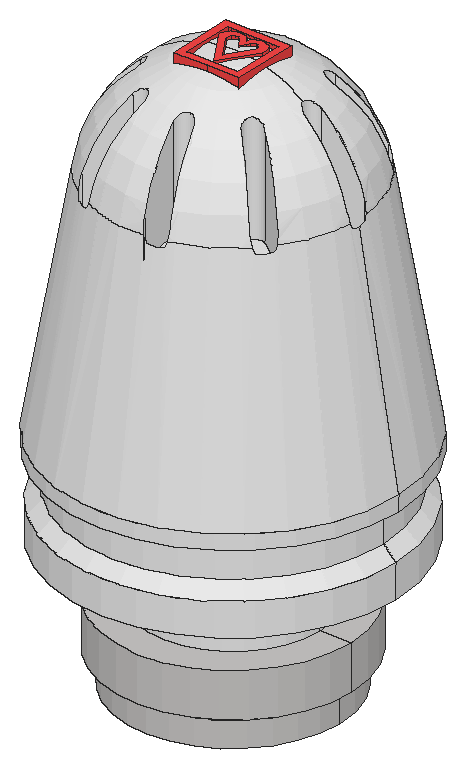
Revit family "HERZ-Mini-Turbo-Design-Thermostatic Sensor M28x1.5 9200 13", category Rohrzubehör, Revit 2021
Family settings
  Bemaßung runder Anschluss = Durchmesser verwenden
  Teiletyp = Normal
  OmniClass-Nummer = 23.65.55.14
  OmniClass-Titel = Valves for Liquid Services
  Arbeitsebenenbasiert = Nein
  Immer vertikal = Nein
  Beim Laden mit Abzugskörper schneiden = Nein
  Gemeinsam genutzt = Nein
Parameters
  Vorgabe-Ansicht = 0 mm
  URL = "www.herzvalves.com"
  Set value range = "0-30°C"  # constant formula
  S02 = 60 mm  # constant formula
  S01 = 73 mm  # constant formula
  Part number = 1920013  # constant formula
  Operation = "The HERZ thermostat serves as a sensing and control element.\r\nThe volumetric change of the liquid filling in the HERZ hydrosensor moves the thrust spindle of the valve"
  Shut off zero position = "When set to \"0\", the thermostatic valve is shut off and the frost protection is disabled."
  Hersteller = "HERZ Armaturen Ges.m.b.H."  # constant formula
  Hand wheel = "plastic, white"  # constant formula
  Frost protection = 6 °C  # constant formula
  Frost protection setpoint range = "6-30°C"  # constant formula
  Frost protection * = "When set to *, the valve automatically opens at approx.\r\n6 ° C ambient temperature and prevents the system from freezing."
  Application = "For mounting on valves that are designed for thermostatic operation"
Reference planes
  plane 1 "Mitte (Vorne/hinten)": y = 0
  plane 2: z = 0
  plane 3 "Mitte (Links/rechts)": x = 0
Forms (mm)
  Revolve 1, solid, material "Kunststoff weiß", detail levels fine
    sketch origin (0, 0, 0) x (1, 0, 0) y (0, 0, 1)
      loop
        line (0, 0) -> (0, 73)
        arc (0, 73) -> (-11.397, 68.78) -> (-17.297, 58.156) r 17.5
        arc (-17.297, 58.156) -> (-20.011, 42.065) -> (-22.88, 26) r 1681.293
        line (-22.88, 26) -> (-22.88, 24) -> (-20.75, 24) -> (-20.75, 19.25) -> (-22.5, 17.5) -> (-22.5, 13) -> (-12.8, 13)
        arc (-12.8, 13) -> (-12.234, 12.766) -> (-12, 12.2) r 0.8
        line (-12, 12.2) -> (-12, 4.8) -> (-13.2, 4.8) -> (-13.2, 0) -> (0, 0)
      axis (0, 73) -> (0, 0)
    angle from 0 to 360
  Revolve 2, solid, material "Messing verzinkt", detail levels fine
    sketch origin (0, 0, 0) x (1, 0, 0) y (0, 0, 1)
      loop
        line (0, 0) -> (0, 5.5) -> (-16.35, 5.5) -> (-16.35, -0.576) -> (-14.75, -1.5) -> (-14.75, -5) -> (-13.35, -5) -> (-13.35, 0) -> (0, 0)
      axis (0, 5.5) -> (0, -5)
    angle from 0 to 360
  Extrusion 3, void
    sketch origin (0, 0, 0) x (1, 0, 0) y (0, 1, 0)
      loop
        arc (11.027, 1.298) -> (9.8, 0) -> (11.027, -1.298) r 1.3
        line (11.027, -1.298) -> (16.77, -1.62)
        arc (16.77, -1.62) -> (17.178, -1.485) -> (17.384, -1.107) r 0.586
        arc (17.384, -1.107) -> (17.453, 0.011) -> (17.382, 1.129) r 9
        arc (17.382, 1.129) -> (17.183, 1.492) -> (16.79, 1.621) r 0.564
        line (16.79, 1.621) -> (11.027, 1.298)
      loop
        line (9.282, 6.094) -> (13.904, 9.55)
        arc (13.904, 9.55) -> (14.121, 9.902) -> (14.04, 10.308) r 0.564
        arc (14.04, 10.308) -> (13.376, 11.21) -> (12.605, 12.023) r 9
        arc (12.605, 12.023) -> (12.205, 12.18) -> (11.805, 12.021) r 0.586
        line (11.805, 12.021) -> (7.613, 8.082)
        arc (7.613, 8.082) -> (7.507, 6.299) -> (9.282, 6.094) r 1.3
      loop
        arc (0.637, 11.085) -> (1.702, 9.651) -> (3.193, 10.634) r 1.3
        line (3.193, 10.634) -> (4.508, 16.234)
        arc (4.508, 16.234) -> (4.445, 16.659) -> (4.109, 16.928) r 0.586
        arc (4.109, 16.928) -> (3.02, 17.189) -> (1.907, 17.313) r 9
        arc (1.907, 17.313) -> (1.515, 17.181) -> (1.319, 16.816) r 0.564
        line (1.319, 16.816) -> (0.637, 11.085)
      loop
        line (-4.39, 10.199) -> (-6.991, 15.351)
        arc (-6.991, 15.351) -> (-7.3, 15.626) -> (-7.713, 15.617) r 0.564
        arc (-7.713, 15.617) -> (-8.717, 15.12) -> (-9.651, 14.501) r 9
        arc (-9.651, 14.501) -> (-9.875, 14.134) -> (-9.788, 13.713) r 0.586
        line (-9.788, 13.713) -> (-6.638, 8.901)
        arc (-6.638, 8.901) -> (-4.9, 8.487) -> (-4.39, 10.199) r 1.3
      loop
        arc (-10.806, 2.552) -> (-9.209, 3.352) -> (-9.918, 4.991) r 1.3
        line (-9.918, 4.991) -> (-15.204, 7.258)
        arc (-15.204, 7.258) -> (-15.634, 7.271) -> (-15.957, 6.986) r 0.586
        arc (-15.957, 6.986) -> (-16.404, 5.959) -> (-16.719, 4.884) r 9
        arc (-16.719, 4.884) -> (-16.657, 4.475) -> (-16.332, 4.219) r 0.564
        line (-16.332, 4.219) -> (-10.806, 2.552)
      loop
        line (-10.806, -2.552) -> (-16.332, -4.219)
        arc (-16.332, -4.219) -> (-16.657, -4.475) -> (-16.719, -4.884) r 0.564
        arc (-16.719, -4.884) -> (-16.404, -5.959) -> (-15.957, -6.986) r 9
        arc (-15.957, -6.986) -> (-15.634, -7.271) -> (-15.204, -7.258) r 0.586
        line (-15.204, -7.258) -> (-9.918, -4.991)
        arc (-9.918, -4.991) -> (-9.209, -3.352) -> (-10.806, -2.552) r 1.3
      loop
        arc (9.282, -6.094) -> (7.507, -6.299) -> (7.613, -8.082) r 1.3
        line (7.613, -8.082) -> (11.805, -12.021)
        arc (11.805, -12.021) -> (12.205, -12.18) -> (12.605, -12.023) r 0.586
        arc (12.605, -12.023) -> (13.376, -11.21) -> (14.04, -10.308) r 9
        arc (14.04, -10.308) -> (14.121, -9.902) -> (13.904, -9.55) r 0.564
        line (13.904, -9.55) -> (9.282, -6.094)
      loop
        line (0.637, -11.085) -> (1.319, -16.816)
        arc (1.319, -16.816) -> (1.515, -17.181) -> (1.907, -17.313) r 0.564
        arc (1.907, -17.313) -> (3.02, -17.189) -> (4.109, -16.928) r 9
        arc (4.109, -16.928) -> (4.445, -16.659) -> (4.508, -16.234) r 0.586
        line (4.508, -16.234) -> (3.193, -10.634)
        arc (3.193, -10.634) -> (1.702, -9.651) -> (0.637, -11.085) r 1.3
      loop
        arc (-4.39, -10.199) -> (-4.9, -8.487) -> (-6.638, -8.901) r 1.3
        line (-6.638, -8.901) -> (-9.788, -13.713)
        arc (-9.788, -13.713) -> (-9.875, -14.134) -> (-9.651, -14.501) r 0.586
        arc (-9.651, -14.501) -> (-8.717, -15.12) -> (-7.713, -15.617) r 9
        arc (-7.713, -15.617) -> (-7.3, -15.626) -> (-6.991, -15.351) r 0.564
        line (-6.991, -15.351) -> (-4.39, -10.199)
    from 55 to 73
Cuts and joins
  Extrusion 3 cuts Revolve 1
Lines and regions (mm)
  model lines, detail levels coarse+medium
    curve 1: line (0, 0, 0) -> (0, 0, 13)
    curve 2: line (0, -0.017, 0) -> (0, 13, 0)
    curve 3: circle (-0.018, 0, 43) r 30 normal (0, -1, 0)
    curve 4: circle (0, 0, 43) r 30 normal (1, 0, 0)
    curve 5: line (0, 0, 23) -> (0, 0, 63)
    curve 6: line (0, 17.5, 63) -> (0, -17.5, 63)
    curve 7: line (-0.018, 0, 23) -> (-0.018, 0, 63)
    curve 8: line (-17.518, 0, 63) -> (17.482, 0, 63)
    curve 9: circle (0, 43, 0) r 30 normal (0, 0, 1)
    curve 10: line (0, 63, 0) -> (0, 23, 0)
    curve 11: line (-17.5, 63, 0) -> (17.5, 63, 0)
Dimensions and locks
  "S01": curve 4 to plane 2
  "S01": curve 3 to plane 2
  "S01": plane 1 "Mitte (Vorne/hinten)" to curve 9
  "S02": diameter of curve 3
  "S02": diameter of curve 4
  "S02": diameter of curve 9
  aligned and locked: level to plane 2
Automatic sketch dimensions
  Revolve 1 sketch curve to level = 0 mm
  Revolve 1 sketch curve to plane 3 "Mitte (Links/rechts)" = 0 mm  (x2)
  Revolve 1 sketch curve to plane 3 "Mitte (Links/rechts)" = 12 mm
  Revolve 1 sketch curve to Revolve 1 sketch curve = 0.8 mm
  Revolve 1 sketch curve to Revolve 1 sketch curve = 1.2 mm
  Revolve 1 sketch curve to Revolve 1 sketch curve = 7.95 mm
  Revolve 1 sketch curve to Revolve 1 sketch curve = 1.75 mm  (x2)
  Revolve 1 sketch curve to Revolve 1 sketch curve = 2.13 mm
  level to Revolve 1 sketch curve = 329.658 mm
  Revolve 1 sketch curve to plane 3 "Mitte (Links/rechts)" = 1676.524 mm
  level to Revolve 1 sketch curve = 4.8 mm
  Revolve 1 sketch curve to Revolve 1 sketch curve = 7.4 mm
  Revolve 1 sketch curve to Revolve 1 sketch curve = 4.5 mm
  Revolve 1 sketch curve to Revolve 1 sketch curve = 4.75 mm
  Revolve 1 sketch curve to Revolve 1 sketch curve = 2 mm
  Revolve 1 sketch curve to Revolve 1 sketch curve = 29.5 mm
  Revolve 1 sketch curve to Revolve 1 sketch curve = 17.5 mm
  Revolve 1 sketch curve to level = 366.045 mm
  Revolve 1 sketch curve to Revolve 1 sketch curve = 2141.315 mm
  Revolve 2 sketch curve to level = 0 mm
  Revolve 2 sketch curve to plane 3 "Mitte (Links/rechts)" = 0 mm  (x2)
  Revolve 2 sketch curve to level = 5 mm
  Revolve 2 sketch curve to plane 3 "Mitte (Links/rechts)" = 13.35 mm
  Revolve 2 sketch curve to Revolve 2 sketch curve = 1.4 mm
  Revolve 2 sketch curve to level = 0.576 mm
  Revolve 2 sketch curve to Revolve 2 sketch curve = 1.6 mm
  Revolve 2 sketch curve to level = 1.5 mm
  level to Revolve 2 sketch curve = 5.5 mm
  Revolve 2 sketch curve to Revolve 2 sketch curve = 361.045 mm
  Revolve 2 sketch curve to Revolve 2 sketch curve = 2208.815 mm
  plane 1 "Mitte (Vorne/hinten)" to Extrusion 3 sketch curve = 0 mm  (x2)
  Extrusion 3 sketch curve to plane 1 "Mitte (Vorne/hinten)" = 4.219 mm
  Extrusion 3 sketch curve to plane 3 "Mitte (Links/rechts)" = 16.332 mm
  plane 1 "Mitte (Vorne/hinten)" to Extrusion 3 sketch curve = 4.219 mm
  Extrusion 3 sketch curve to Extrusion 3 sketch curve = 0 mm  (x11)
  Extrusion 3 sketch curve to Extrusion 3 sketch curve = 0.163 mm  (x2)
  Extrusion 3 sketch curve to Extrusion 3 sketch curve = 0.734 mm  (x2)
  plane 1 "Mitte (Vorne/hinten)" to Extrusion 3 sketch curve = 7.258 mm
  Extrusion 3 sketch curve to Extrusion 3 sketch curve = 0.231 mm  (x2)
  Extrusion 3 sketch curve to plane 1 "Mitte (Vorne/hinten)" = 7.258 mm
  plane 1 "Mitte (Vorne/hinten)" to Extrusion 3 sketch curve = 2.552 mm
  Extrusion 3 sketch curve to Extrusion 3 sketch curve = 5.526 mm
  Extrusion 3 sketch curve to plane 1 "Mitte (Vorne/hinten)" = 2.552 mm
  Extrusion 3 sketch curve to Extrusion 3 sketch curve = 0.375 mm  (x2)
  Extrusion 3 sketch curve to Extrusion 3 sketch curve = 0.512 mm  (x2)
  Extrusion 3 sketch curve to Extrusion 3 sketch curve = 5.416 mm  (x2)
  Extrusion 3 sketch curve to Extrusion 3 sketch curve = 0.49 mm  (x2)
  Extrusion 3 sketch curve to Extrusion 3 sketch curve = 2.488 mm  (x2)
  Extrusion 3 sketch curve to Extrusion 3 sketch curve = 1.803 mm  (x2)
  Extrusion 3 sketch curve to Extrusion 3 sketch curve = 0.504 mm  (x2)
  Extrusion 3 sketch curve to Extrusion 3 sketch curve = 3.281 mm  (x2)
  Extrusion 3 sketch curve to Extrusion 3 sketch curve = 1.088 mm  (x2)
  Extrusion 3 sketch curve to Extrusion 3 sketch curve = 1.16 mm  (x2)
  Extrusion 3 sketch curve to Extrusion 3 sketch curve = 1.324 mm  (x2)
  plane 3 "Mitte (Links/rechts)" to Extrusion 3 sketch curve = 0.637 mm  (x2)
  plane 3 "Mitte (Links/rechts)" to Extrusion 3 sketch curve = 1.319 mm  (x2)
  plane 3 "Mitte (Links/rechts)" to Extrusion 3 sketch curve = 1.468 mm  (x2)
  Extrusion 3 sketch curve to Extrusion 3 sketch curve = 0.561 mm  (x2)
  Extrusion 3 sketch curve to Extrusion 3 sketch curve = 1.291 mm  (x2)
  Extrusion 3 sketch curve to Extrusion 3 sketch curve = 1.266 mm  (x2)
  Extrusion 3 sketch curve to Extrusion 3 sketch curve = 2.058 mm  (x2)
  Extrusion 3 sketch curve to Extrusion 3 sketch curve = 0.57 mm  (x2)
  Extrusion 3 sketch curve to Extrusion 3 sketch curve = 5.007 mm  (x2)
  Extrusion 3 sketch curve to Extrusion 3 sketch curve = 1.138 mm  (x2)
  Extrusion 3 sketch curve to Extrusion 3 sketch curve = 1.978 mm
  Extrusion 3 sketch curve to Extrusion 3 sketch curve = 0.89 mm  (x2)
  Extrusion 3 sketch curve to Extrusion 3 sketch curve = 0.779 mm  (x2)
  plane 1 "Mitte (Vorne/hinten)" to Extrusion 3 sketch curve = 1.298 mm
  Extrusion 3 sketch curve to Extrusion 3 sketch curve = 2.575 mm
  Extrusion 3 sketch curve to Extrusion 3 sketch curve = 0.073 mm
  Extrusion 3 sketch curve to Extrusion 3 sketch curve = 4.192 mm  (x2)
  Extrusion 3 sketch curve to Extrusion 3 sketch curve = 0.401 mm  (x2)
  Extrusion 3 sketch curve to Extrusion 3 sketch curve = 1.36 mm  (x2)
  Extrusion 3 sketch curve to Extrusion 3 sketch curve = 0.338 mm  (x2)
  plane 1 "Mitte (Vorne/hinten)" to Extrusion 3 sketch curve = 1.62 mm
  Extrusion 3 sketch curve to Extrusion 3 sketch curve = 5.743 mm
  Extrusion 3 sketch curve to plane 1 "Mitte (Vorne/hinten)" = 1.621 mm
  Extrusion 3 sketch curve to Extrusion 3 sketch curve = 0.02 mm
  Extrusion 3 sketch curve to Extrusion 3 sketch curve = 0.033 mm
  Extrusion 3 sketch curve to Extrusion 3 sketch curve = 0.032 mm
  plane 1 "Mitte (Vorne/hinten)" to Extrusion 3 sketch curve = 7.32 mm
  Extrusion 3 sketch curve to Extrusion 3 sketch curve = 6.784 mm
  Extrusion 3 sketch curve to Extrusion 3 sketch curve = 1.004 mm
  Extrusion 3 sketch curve to Extrusion 3 sketch curve = 1.581 mm  (x2)
  Extrusion 3 sketch curve to Extrusion 3 sketch curve = 1.468 mm
  Extrusion 3 sketch curve to Extrusion 3 sketch curve = 0.712 mm  (x2)
  Extrusion 3 sketch curve to Extrusion 3 sketch curve = 0.452 mm  (x2)
  Extrusion 3 sketch curve to Extrusion 3 sketch curve = 2.31 mm  (x2)
  Extrusion 3 sketch curve to Extrusion 3 sketch curve = 0.297 mm  (x2)
  Extrusion 3 sketch curve to Extrusion 3 sketch curve = 1.591 mm  (x2)
  Extrusion 3 sketch curve to Extrusion 3 sketch curve = 0.427 mm  (x2)
  Extrusion 3 sketch curve to Extrusion 3 sketch curve = 4.812 mm  (x2)
  Extrusion 3 sketch curve to Extrusion 3 sketch curve = 0.321 mm  (x2)
  Extrusion 3 sketch curve to Extrusion 3 sketch curve = 1.063 mm  (x2)
  Extrusion 3 sketch curve to Extrusion 3 sketch curve = 0.254 mm  (x2)
  Extrusion 3 sketch curve to Extrusion 3 sketch curve = 5.599 mm  (x2)
  Extrusion 3 sketch curve to Extrusion 3 sketch curve = 0.134 mm  (x2)
  Extrusion 3 sketch curve to Extrusion 3 sketch curve = 0.382 mm  (x2)
  Extrusion 3 sketch curve to Extrusion 3 sketch curve = 0.067 mm  (x2)
  Extrusion 3 sketch curve to Extrusion 3 sketch curve = 0.947 mm
  Extrusion 3 sketch curve to Extrusion 3 sketch curve = 0.539 mm  (x2)
  Extrusion 3 sketch curve to Extrusion 3 sketch curve = 1.702 mm
  Extrusion 3 sketch curve to Extrusion 3 sketch curve = 2.439 mm
  Extrusion 3 sketch curve to Extrusion 3 sketch curve = 0.54 mm  (x2)
  Extrusion 3 sketch curve to Extrusion 3 sketch curve = 0.905 mm
  Extrusion 3 sketch curve to Extrusion 3 sketch curve = 0.585 mm
  Extrusion 3 sketch curve to Extrusion 3 sketch curve = 0.564 mm
  Extrusion 3 sketch curve to Extrusion 3 sketch curve = 0.339 mm
  Extrusion 3 sketch curve to Extrusion 3 sketch curve = 1.245 mm
  Extrusion 3 sketch curve to plane 1 "Mitte (Vorne/hinten)" = 5.433 mm
  Extrusion 3 sketch curve to Extrusion 3 sketch curve = 0.661 mm
  Extrusion 3 sketch curve to Extrusion 3 sketch curve = 1.041 mm
  Extrusion 3 sketch curve to Extrusion 3 sketch curve = 4.429 mm
  Extrusion 3 sketch curve to Extrusion 3 sketch curve = 2.891 mm
  Extrusion 3 sketch curve to Extrusion 3 sketch curve = 3.456 mm
  Extrusion 3 sketch curve to plane 1 "Mitte (Vorne/hinten)" = 1.298 mm  (x2)
  curve 5 to plane 1 "Mitte (Vorne/hinten)" = 0 mm
  curve 4 to plane 1 "Mitte (Vorne/hinten)" = 0 mm
  plane 1 "Mitte (Vorne/hinten)" to curve 6 = 17.5 mm
  curve 5 to curve 6 = 17.5 mm
  curve 5 to curve 4 = 20 mm
  curve 4 to curve 6 = 20 mm
  curve 1 to plane 3 "Mitte (Links/rechts)" = 0 mm
  curve 1 to level = 0 mm
  curve 3 to plane 3 "Mitte (Links/rechts)" = 0.018 mm
  curve 7 to plane 3 "Mitte (Links/rechts)" = 0.018 mm
  curve 8 to curve 7 = 17.5 mm
  plane 3 "Mitte (Links/rechts)" to curve 8 = 17.482 mm
  curve 1 to curve 7 = 10 mm
  curve 3 to curve 8 = 20 mm
  curve 9 to plane 3 "Mitte (Links/rechts)" = 0 mm
  curve 10 to plane 3 "Mitte (Links/rechts)" = 0 mm
  curve 2 to plane 3 "Mitte (Links/rechts)" = 0 mm
  curve 11 to curve 10 = 17.5 mm
  plane 3 "Mitte (Links/rechts)" to curve 11 = 17.5 mm
  plane 1 "Mitte (Vorne/hinten)" to curve 2 = 0.017 mm
  curve 2 to curve 10 = 10 mm
  curve 9 to curve 11 = 20 mm
Nested families
  nested 1: "Herz-Logo" at (0, 0, 71.5), type "Herz-Logo", detail levels fine
Definition of nested family "Herz-Logo"
  Parameters (values of type "Herz-Logo")
    Default Elevation = 0 mm
  Reference planes
    plane 1 "Mitte (Vorne/hinten)": y = 0
    plane 2: z = 0
    plane 3 "Mitte (Links/rechts)": x = 0
  Forms (mm)
    Extrusion 1, solid
      sketch origin (0, 0, 0) x (1, 0, 0) y (0, 1, 0)
        loop
          line (-0.018, -4.517) -> (4.482, -4.517) -> (4.482, 4.483) -> (-4.518, 4.483) -> (-4.518, -4.517) -> (-0.018, -4.517)
        loop
          line (-0.05, -3.48) -> (3.482, -3.48) -> (3.482, 3.483) -> (-3.518, 3.483) -> (-3.518, -3.48) -> (-0.05, -3.48)
        loop
          arc (-0.018, 2.383) -> (-1.543, 3.287) -> (-3.067, 2.383) r 1.738
          arc (-3.067, 2.383) -> (-3.191, 1.899) -> (-3.067, 1.415) r 1.009
          line (-3.067, 1.415) -> (-0.018, -3.281) -> (3.032, 1.415)
          arc (3.032, 1.415) -> (3.156, 1.899) -> (3.032, 2.383) r 1.009
          arc (3.032, 2.383) -> (1.507, 3.287) -> (-0.018, 2.383) r 1.738
        loop
          arc (1.885, 1.272) -> (2.005, 1.675) -> (1.885, 2.079) r 0.74
          arc (1.885, 2.079) -> (1.265, 2.416) -> (0.644, 2.079) r 0.74
          line (0.644, 2.079) -> (-0.018, 0.97) -> (-0.679, 2.079)
          arc (-0.679, 2.079) -> (-1.3, 2.416) -> (-1.921, 2.079) r 0.74
          arc (-1.921, 2.079) -> (-2.04, 1.675) -> (-1.921, 1.272) r 0.74
          line (-1.921, 1.272) -> (-0.018, -1.658) -> (1.885, 1.272)
      from 0 to 1.5
  Dimensions and locks
    aligned and locked: level to plane 2
